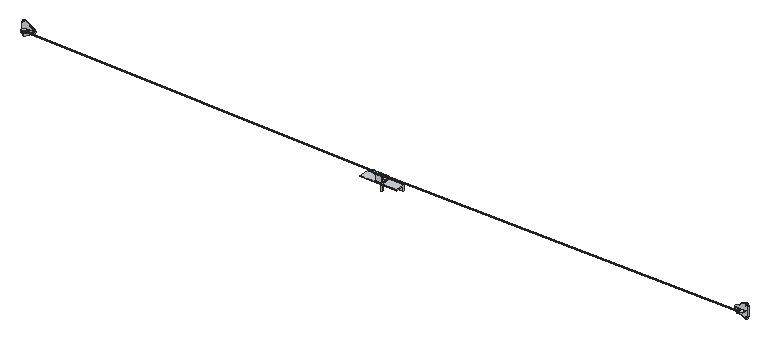
Revit family "FallProtection_StaticLine_Kattsafe_WallMount", category Specialty Equipment, Revit 2025 (continued)
Definition of nested family "SL5_End_Option"
  Definition of nested family "Static Line Fixing_Kattsafe_Wall Mount Corner_Inside"
    Forms (mm)
      Revolve 8, solid, material <- "Material"
        sketch origin (266.5, 685.873, 4000) x (0, 1, 0) y (0, 0, 1)
          axis (-529.873, -4079) -> (-529.873, -4269)
        angle from 0 to 360
      Extrusion 9, void
        sketch origin (263, 70, 376) x (-1, 0, 0) y (0, 0, 1)
          loop
            line (64, -590) -> (64, -560)
            arc (64, -560) -> (55.213, -581.213) -> (34, -590) r 30
            line (34, -590) -> (64, -590)
          loop
            line (64, -510) -> (34, -510)
            arc (34, -510) -> (55.213, -518.787) -> (64, -540) r 30
            line (64, -540) -> (64, -510)
        from -3 to 0
      Extrusion 10, void
        sketch origin (266, 140.694, 376) x (0, -1, 0) y (0, 0, 1)
          loop
            arc (67.694, -590) -> (34.381, -580.78) -> (1.068, -590) r 64.791
            line (1.068, -590) -> (67.694, -590)
          loop
            line (67.694, -510) -> (1.068, -510)
            arc (1.068, -510) -> (34.381, -519.22) -> (67.694, -510) r 64.791
        from -3 to 0
      Sweep 11, solid, material <- "Material"
        path origin (903, 67, 0) x (-1, 0, 0) y (0, 0, -1)
          loop
            line (636.5, 79) -> (636.5, 54)
            arc (636.5, 54) -> (593.591, -49.591) -> (490, -92.5) r 146.5
            line (490, -92.5) -> (465, -92.5)
        profile origin (266.5, 67, -66.5) x (-1, 0, 0) y (0, -1, 0)
          loop
            circle (0, -89) r 5
      Extrusion 12, solid, material <- "Material"
        sketch origin (533, 0, 185) x (0, 1, 0) y (0, 0, -1)
          loop
            line (67, 25) -> (70, 25) -> (70, 89)
            arc (70, 89) -> (70.879, 91.121) -> (73, 92) r 3
            line (73, 92) -> (140.694, 92)
            arc (140.694, 92) -> (141.215, 91.954) -> (141.72, 91.819) r 3
            line (141.72, 91.819) -> (149.249, 89.234)
            arc (149.249, 89.234) -> (148.69, 90.825) -> (148.5, 92.5) r 7.5
            arc (148.5, 92.5) -> (148.897, 94.907) -> (150.045, 97.059) r 7.5
            line (150.045, 97.059) -> (141.72, 95.181)
            arc (141.72, 95.181) -> (141.215, 95.046) -> (140.694, 95) r 3
            line (140.694, 95) -> (70, 95)
            arc (70, 95) -> (67.879, 94.121) -> (67, 92) r 3
            line (67, 92) -> (67, 25)
        from -40 to 40
      Revolve 13, solid, material <- "Material"
        sketch origin (533, 73, 133.638) x (1, 0, 0) y (0, 1, 0)
          loop
            line (0, -102.5) -> (0, 27.5) -> (-6, 27.5) -> (-6, -102.5) -> (0, -102.5)
          axis (0, 27.5) -> (0, -102.5)
        angle from 0 to 360
      Extrusion 14, solid, material <- "Material"
        sketch origin (533, 70, 96) x (0, 0, 1) y (1, 0, 0)
          loop
            circle (37.638, 0) r 16
          loop
            circle (37.638, 0) r 6
        from 0 to 3
      Extrusion 15, solid, material <- "Material"
        sketch origin (533, 73, 96) x (0, 0, 1) y (1, 0, 0)
          loop
            circle (37.638, 0) r 9
          loop
            circle (37.638, 0) r 6
        from 0 to 3
      Extrusion 16, solid, material <- "Material"
        sketch origin (533, 76, 96) x (0, 0, 1) y (1, 0, 0)
          loop
            line (30.638, 4.041) -> (30.638, -4.041) -> (37.638, -8.083) -> (44.638, -4.041) -> (44.638, 4.041) -> (37.638, 8.083) -> (30.638, 4.041)
          loop
            circle (37.638, 0) r 6
        from 0 to 6
      Sweep 17, solid, material <- "Material"
        path origin (162.605, -43.194, 185) x (1, 0, 0) y (0, 1, 0)
          loop
            line (520.395, 110.194) -> (220.395, 110.194)
        profile origin (533, 67, 185) x (0, -1, 0) y (0, 0, 1)
          loop
            line (50, 0) -> (0, 0) -> (0, -100) -> (6, -100) -> (6, -6) -> (50, -6) -> (50, 0)
      Revolve 18, solid, material <- "Material"
        sketch origin (2057, 277.61, 92.5) x (0, -1, 0) y (1, 0, 0)
          loop
            line (116.61, -1619) -> (116.61, -1429) -> (114.858, -1437.927)
            arc (114.858, -1437.927) -> (114.298, -1441.76) -> (114.11, -1445.629) r 40
            line (114.11, -1445.629) -> (114.11, -1595.417)
            arc (114.11, -1595.417) -> (114.179, -1597.76) -> (114.384, -1600.094) r 40
            line (114.384, -1600.094) -> (116.61, -1619)
          axis (121.61, -1429) -> (121.61, -1619)
        angle from 0 to 360
      Extrusion 19, void
        sketch origin (533, 70, 96) x (0, 0, 1) y (1, 0, 0)
          loop
            line (64, -40) -> (64, -10)
            arc (64, -10) -> (55.213, -31.213) -> (34, -40) r 30
            line (34, -40) -> (64, -40)
          loop
            line (64, 40) -> (34, 40)
            arc (34, 40) -> (55.213, 31.213) -> (64, 10) r 30
            line (64, 10) -> (64, 40)
        from -3 to 0
      Extrusion 20, void
        sketch origin (0, 0, 100) x (0, 1, 0) y (-1, 0, 0)
          loop
            line (140.16, -493) -> (73.534, -493)
            arc (73.534, -493) -> (106.847, -502.22) -> (140.16, -493) r 64.791
          loop
            arc (140.16, -573) -> (106.847, -563.78) -> (73.534, -573) r 64.791
            line (73.534, -573) -> (140.16, -573)
        from -10 to -7
    Cuts and joins
      Extrusion 9, Extrusion 10 cuts Extrusion 2
      joined: Revolve 3, Sweep 7
      Extrusion 19, Extrusion 20 cuts Extrusion 12
      Extrusion 19 cuts Sweep 17
    Text (mm)
      text "> Contact Manufacturer to confirm feasibility of design variations outside the scope of this Revit Family\n\nDisclaimer:\nDue to ongoing product development and manufacturing evolution, product details are subject to change without notice. Please refer to product technical data sheets on the manufacturers website for the most current product information. Please allow a +/- 5mm manufacturing tolerance for dimensions and set-outs shown in product literature." at (720.258, 156.171, 0), in view "Ref. Level"
    Dimensions and locks
      equal spacing: plane 4 "Bottom", plane 1 "Center (Front/Back)", plane 5 "Top"
      "ManufacturerOverallHeight": plane 5 "Top" to plane 4 "Bottom"
      "ManufacturerOverallDepth": plane 11 "Front" to plane 2 "Back"
      "ManufacturerOverallWidth": plane 15 "Left" to plane 18 "Right"
      aligned and locked: plane 2 "Back" to Extrusion 1
      aligned and locked: Sweep 7 sketch curve to plane 1 "Center (Front/Back)"
      aligned and locked: plane 7 "Left Anchor_Right" to Sweep 7 sketch curve
      aligned and locked: plane 10 "Front Anchor_Back" to Sweep 7 sketch curve
      aligned and locked: plane 11 "Front" to Sweep 7 sketch curve
      aligned and locked: Extrusion 9 to Extrusion 2
      aligned and locked: Extrusion 2 to Extrusion 9
      aligned and locked: cut or joined group of Extrusion 2, Extrusion 9, Extrusion 10 to Extrusion 10  (x2)
      aligned and locked: Extrusion 12 to Extrusion 19
      aligned and locked: Extrusion 19 to Extrusion 12
    Automatic sketch dimensions
      Extrusion 1 sketch curve to Extrusion 1 sketch curve = 196 mm
      Extrusion 1 sketch curve to Extrusion 1 sketch curve = 193 mm
      Extrusion 2 sketch curve to Extrusion 2 sketch curve = 0 mm  (x3)
      plane 1 "Center (Front/Back)" to Extrusion 2 sketch curve = 0 mm
      Extrusion 2 sketch curve to plane 12 "Left Anchor Line Centre" = 0 mm
      plane 14 "Line_Centre (Front/Back)" to Extrusion 2 sketch curve = 0 mm
      Extrusion 2 sketch curve to Extrusion 2 sketch curve = 3 mm  (x2)
      Extrusion 2 sketch curve to plane 1 "Center (Front/Back)" = 3 mm
      Extrusion 2 sketch curve to plane 12 "Left Anchor Line Centre" = 0.5 mm
      plane 14 "Line_Centre (Front/Back)" to Extrusion 2 sketch curve = 15.306 mm
      Extrusion 2 sketch curve to plane 12 "Left Anchor Line Centre" = 0.681 mm
      Extrusion 2 sketch curve to Extrusion 2 sketch curve = 1.026 mm  (x2)
      plane 12 "Left Anchor Line Centre" to Extrusion 2 sketch curve = 2.681 mm
      Extrusion 2 sketch curve to plane 12 "Left Anchor Line Centre" = 3.266 mm
      plane 14 "Line_Centre (Front/Back)" to Extrusion 2 sketch curve = 6.751 mm
      Extrusion 2 sketch curve to plane 7 "Left Anchor_Right" = 2.941 mm
      Extrusion 2 sketch curve to plane 7 "Left Anchor_Right" = 2 mm
      plane 15 "Left" to Extrusion 2 sketch curve = 25 mm
      Revolve 3 sketch curve to plane 4 "Bottom" = 0 mm
      plane 9 "Front Bolt_Centre" to Revolve 3 sketch curve = 0 mm  (x2)
      Revolve 3 sketch curve to plane 1 "Center (Front/Back)" = 33.5 mm
      plane 9 "Front Bolt_Centre" to Revolve 3 sketch curve = 6 mm
      plane 4 "Bottom" to Revolve 3 sketch curve = 19 mm
      Revolve 3 sketch curve to Revolve 3 sketch curve = 30 mm
      Extrusion 4 sketch curve to Extrusion 4 sketch curve = 0 mm  (x2)
      Extrusion 4 sketch curve to plane 9 "Front Bolt_Centre" = 0 mm
      Extrusion 4 sketch curve to plane 13 "Left Bolt_Centre" = 0 mm
      Extrusion 6 sketch curve to Extrusion 6 sketch curve = 0 mm
      Extrusion 6 sketch curve to Extrusion 6 sketch curve = 7 mm  (x3)
      Extrusion 6 sketch curve to Extrusion 6 sketch curve = 4.041 mm  (x5)
      Extrusion 6 sketch curve to Extrusion 6 sketch curve = 8.083 mm
      Sweep 7 sketch curve to profile plane = 0 mm
      Sweep 7 sketch curve to profile plane = 6 mm
      Sweep 7 sketch curve to Sweep 7 sketch curve = 6 mm
      Revolve 8 sketch curve to plane 14 "Line_Centre (Front/Back)" = 0 mm
      plane 8 "Front Bolt_Front" to Revolve 8 sketch curve = 0 mm  (x2)
      Revolve 8 sketch curve to plane 5 "Top" = 0 mm
      plane 14 "Line_Centre (Front/Back)" to Revolve 8 sketch curve = 32.5 mm  (x2)
      plane 5 "Top" to Revolve 8 sketch curve = 2.5 mm
      plane 5 "Top" to Revolve 8 sketch curve = 0.748 mm
      plane 5 "Top" to Revolve 8 sketch curve = 0.274 mm
      Revolve 8 sketch curve to plane 8 "Front Bolt_Front" = 18.906 mm
      plane 10 "Front Anchor_Back" to Revolve 8 sketch curve = 71.629 mm
      Revolve 8 sketch curve to Revolve 8 sketch curve = 8.927 mm
      Revolve 8 sketch curve to Revolve 8 sketch curve = 0 mm
      plane 13 "Left Bolt_Centre" to Extrusion 9 sketch curve = 3.638 mm  (x2)
      plane 15 "Left" to Extrusion 9 sketch curve = 25 mm
      plane 9 "Front Bolt_Centre" to Extrusion 9 sketch curve = 10 mm
      Extrusion 9 sketch curve to Extrusion 9 sketch curve = 0 mm
      Extrusion 9 sketch curve to plane 9 "Front Bolt_Centre" = 10 mm
      plane 14 "Line_Centre (Front/Back)" to Extrusion 10 sketch curve = 16.374 mm  (x2)
      Extrusion 10 sketch curve to plane 1 "Center (Front/Back)" = 39.313 mm  (x2)
      plane 8 "Front Bolt_Front" to Extrusion 10 sketch curve = 0.57 mm
      plane 9 "Front Bolt_Centre" to Extrusion 10 sketch curve = 40 mm
      Extrusion 10 sketch curve to plane 9 "Front Bolt_Centre" = 40 mm
      plane 10 "Front Anchor_Back" to Extrusion 10 sketch curve = 54.43 mm
      Sweep 11 sketch curve to plane 6 "Line Centre_Back Anchor" = 0 mm
      Sweep 11 sketch curve to plane 12 "Left Anchor Line Centre" = 0 mm
      plane 7 "Left Anchor_Right" to Sweep 11 sketch curve = 139 mm
      Sweep 11 sketch curve to Sweep 11 sketch curve = 25 mm  (x2)
      Sweep 11 sketch curve to profile plane = 0 mm
      Sweep 11 sketch curve to plane 1 "Center (Front/Back)" = 89 mm
      Extrusion 12 sketch curve to Extrusion 12 sketch curve = 0 mm  (x2)
      Extrusion 12 sketch curve to plane 1 "Center (Front/Back)" = 0 mm
      plane 6 "Line Centre_Back Anchor" to Extrusion 12 sketch curve = 0 mm
      Extrusion 12 sketch curve to plane 14 "Line_Centre (Front/Back)" = 0 mm
      Extrusion 12 sketch curve to plane 1 "Center (Front/Back)" = 3 mm  (x2)
      Extrusion 12 sketch curve to Extrusion 12 sketch curve = 3 mm  (x2)
      Extrusion 12 sketch curve to plane 6 "Line Centre_Back Anchor" = 0.5 mm
      plane 14 "Line_Centre (Front/Back)" to Extrusion 12 sketch curve = 15.306 mm
      Extrusion 12 sketch curve to plane 6 "Line Centre_Back Anchor" = 0.681 mm
      Extrusion 12 sketch curve to Extrusion 12 sketch curve = 1.026 mm  (x2)
      plane 6 "Line Centre_Back Anchor" to Extrusion 12 sketch curve = 2.681 mm
      Extrusion 12 sketch curve to plane 6 "Line Centre_Back Anchor" = 3.266 mm
      plane 14 "Line_Centre (Front/Back)" to Extrusion 12 sketch curve = 6.751 mm
      plane 6 "Line Centre_Back Anchor" to Extrusion 12 sketch curve = 4.559 mm
      plane 4 "Bottom" to Revolve 13 sketch curve = 0 mm
      Revolve 13 sketch curve to plane 1 "Center (Front/Back)" = 33.5 mm
      plane 7 "Left Anchor_Right" to Revolve 13 sketch curve = 253 mm
      Revolve 13 sketch curve to Revolve 13 sketch curve = 6 mm
      Revolve 13 sketch curve to Revolve 13 sketch curve = 0 mm
      Revolve 13 sketch curve to Revolve 13 sketch curve = 19 mm
      Revolve 13 sketch curve to Revolve 13 sketch curve = 30 mm
      Extrusion 14 sketch curve to Extrusion 14 sketch curve = 0 mm  (x2)
      Extrusion 14 sketch curve to Extrusion 12 = 26.362 mm
      Extrusion 12 to Extrusion 14 sketch curve = 40 mm
      Extrusion 16 sketch curve to Extrusion 16 sketch curve = 0 mm  (x2)
      Extrusion 16 sketch curve to Extrusion 16 sketch curve = 7 mm  (x2)
      Extrusion 16 sketch curve to Extrusion 16 sketch curve = 4.041 mm  (x4)
      Extrusion 16 sketch curve to Extrusion 16 sketch curve = 8.083 mm  (x2)
      plane 1 "Center (Front/Back)" to Sweep 17 sketch curve = 0 mm
      plane 7 "Left Anchor_Right" to Sweep 17 sketch curve = 109 mm
      Sweep 17 sketch curve to Sweep 17 sketch curve = 300 mm
      Sweep 17 sketch curve to profile plane = 0 mm  (x2)
      Sweep 17 sketch curve to Sweep 17 sketch curve = 6 mm
      Sweep 17 sketch curve to Sweep 17 sketch curve = 44 mm
      Sweep 17 sketch curve to profile plane = 6 mm
      Sweep 17 sketch curve to Sweep 17 sketch curve = 94 mm
      plane 5 "Top" to Revolve 18 sketch curve = 0 mm
      plane 14 "Line_Centre (Front/Back)" to Revolve 18 sketch curve = 0 mm
      plane 5 "Top" to Revolve 18 sketch curve = 0.274 mm
      plane 5 "Top" to Revolve 18 sketch curve = 0.748 mm
      plane 5 "Top" to Revolve 18 sketch curve = 2.5 mm
      plane 14 "Line_Centre (Front/Back)" to Revolve 18 sketch curve = 32.5 mm  (x2)
      plane 7 "Left Anchor_Right" to Revolve 18 sketch curve = 164 mm
      Revolve 18 sketch curve to Revolve 18 sketch curve = 18.906 mm
      Revolve 18 sketch curve to Revolve 18 sketch curve = 149.789 mm
      Revolve 18 sketch curve to Revolve 18 sketch curve = 8.927 mm
      Revolve 18 sketch curve to Revolve 18 sketch curve = 0 mm  (x2)
      Extrusion 12 to Extrusion 19 sketch curve = 0 mm
      Extrusion 19 sketch curve to Extrusion 12 = 0 mm  (x3)
      Extrusion 19 sketch curve to Extrusion 19 sketch curve = 30 mm
      Extrusion 19 sketch curve to Extrusion 19 sketch curve = 0 mm
      Sweep 7 sketch curve to Sweep 7 sketch curve = 44 mm
      plane 5 "Top" to Extrusion 20 sketch curve = 89.966 mm  (x2)
      Extrusion 20 sketch curve to Extrusion 20 sketch curve = 33.313 mm  (x2)
      plane 7 "Left Anchor_Right" to Extrusion 20 sketch curve = 354.57 mm
      Extrusion 20 sketch curve to Extrusion 20 sketch curve = 55.57 mm
      Extrusion 20 sketch curve to Extrusion 20 sketch curve = 80 mm
      plane 7 "Left Anchor_Right" to Extrusion 20 sketch curve = 163.43 mm
      Sweep 7 sketch curve to profile plane = 85 mm
      Extrusion 12 sketch curve to Extrusion 12 sketch curve = 64 mm
      radius of Extrusion 4 sketch curve = 16 mm
      radius of Extrusion 4 sketch curve = 6 mm
      radius of Extrusion 4 to Extrusion 5 sketch curve = 3 mm
      radius of Extrusion 5 sketch curve to Extrusion 4 = 0 mm
      radius of Extrusion 6 sketch curve to Extrusion 5 = 0 mm
      radius of Sweep 11 sketch curve = 5 mm
      radius of Extrusion 14 sketch curve = 16 mm
      radius of Extrusion 14 sketch curve = 6 mm
      radius of Extrusion 14 to Extrusion 15 sketch curve = 3 mm
      radius of Extrusion 15 sketch curve to Extrusion 14 = 0 mm
      radius of Extrusion 16 sketch curve to Extrusion 15 = 0 mm
Types (3, lengths in mm): name | Type Comments | IntermediateSpacingLengthCalc | MaxIntermediateSpacingLength | IntermediateNumberOfCalc2 | IntermediateNumberOfCalc1 | IntermediateLength | EndLengthCalc2 | EndLengthCalc1
  Max 2 Users | "Static Line System - Wall Mount (SL5) - 2 Users Max" | 8000 | 8000 | 1 | 1 | -7999 | 3 | 3
  Max 4 Users | "Static Line System - Wall Mount (SL5) - 4 Users Max" | 5000 | 5000 | 1.6 | 2 | -1999 | 3.6 | 4
  Max 3 Users | "Static Line System - Wall Mount (SL5) - 3 Users Max" | 6000 | 6000 | 1.3333 | 1 | -3999 | 3.3333 | 3
